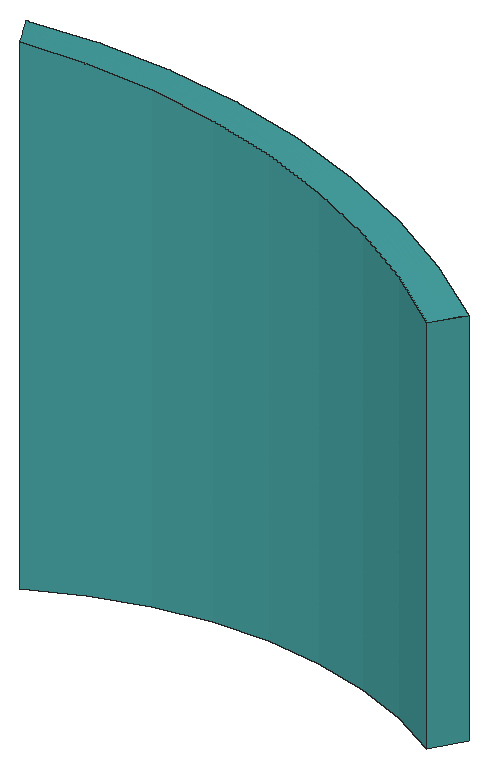
Revit family "EXP_WT-1C_CPan-020", category Curtain Panels, Revit 2021
Family settings
  OmniClass Number = 23.25.20.14.11.11.17
  OmniClass Title = Infill Panels
  Always vertical = Yes
  Cut with Voids When Loaded = Yes
  Shared = No
Parameters
  UI-UnitNumber [instance] = "001"
  UI-Quadrant [instance] = "SE"
  UI-ProjectAbbreviation = "NEU"
  UI-ItemCategory = "PID"
  UI-FloorNumber [instance] = "03"
  PNT-WallType = "WT1C"
  PNT-ProjectAbbreviation = "NEU"
  PNT-PanelType [instance] = "01"
  PNT-ItemCategory = "PNL"
  GlassH1 [instance] = IG-2C(Glass)
  Description = "Curve"
  Define Thermal Properties by = Schematic Type
  CellSxH1 [instance] = CellSxH  # 9' - 4"
  CellSxH [instance] = 9' - 4"
  CellSp = 0' - 10 3/16"
  CellRayIN [instance] = CellRayEX - CellSp  # 9' - 7 13/16"
  CellRayEX = 10' - 6"
  CellLArch [instance] = 11' - 4.59066"
  CellH [instance] = 13' - 1.48031"
  CellDxH1 [instance] = CellDxH  # 12' - 0"
  CellDxH [instance] = 12' - 0"
  Analytic Construction = "<None>"
Reference planes (in)
  plane 1 "Center (Front/Back)": y = 0
  plane 2: z = 0
  plane 3 "Center (Left/Right)": x = 0
  plane 4 "Left": x = -65
  plane 5 "Right": x = 65
  plane 6 "Top": z = 157.48031
  plane 7: z = 112
  plane 8: z = 144
Forms (in)
  SweptBlend 1, solid, material "IG-2C(Glass)" <- "GlassH1"
    path origin (0, 0, 0) x (1, 0, 0) y (0, 1, 0)
      loop
        arc (-65, 0) -> (0, 18.0602) -> (65, 0) r 126
    profile origin (-65, 0, 0) x (-0.515873, 0.856665, 0) y (0, 0, 1)
      loop
        line (0, 144) -> (-10.1875, 144) -> (-10.1875, 0) -> (0, 0) -> (0, 144)
    end profile origin (65, 0, 0) x (0.515873, 0.856665, 0) y (0, 0, 1)
      loop
        line (0, 112) -> (-10.1875, 112) -> (-10.1875, 0) -> (0, 0) -> (0, 112)
Lines and regions (in)
  reference lines
    curve 1: line (65, 0, 0) -> (0, -107.9398, 0)
    curve 2: line (-65, 0, 0) -> (0, -107.9398, 0)
    curve 3: line (65, 0, 0) -> (42.06566, 13.81077, 0)
    curve 4: line (-65, 0, 0) -> (-40.04204, 15.02937, 0)
    curve 6: line (65, 0, 112) -> (-65, 0, 144)
  model lines
    curve 5: arc (-65, 0, 0) -> (0, 18.0602, 0) -> (65, 0, 0) r 126
Text (in)
  text "Exterior" at (-92.59733, 55.75508, 0), in view "Ref. Level"
  text "Exterior" at (0, 90.18664, 173.49264), in view "Left"
  text "Exterior" at (0, 52.29083, 162.21847), in view "Right"
Dimensions and locks (in)
  equal spacing: plane 4 "Left", plane 3 "Center (Left/Right)", plane 5 "Right"
  "CellRayEX": curve 2 to curve 2
  "CellRayEX": curve 2 to curve 1
  "CellH": plane 2 to plane 6 "Top"
  "CellSxH": plane 2 to plane 7
  "CellDxH": level to plane 8
  "CellRayEX": radius of curve 5
  locked: curve 2 to curve 4 (angle 90.00°)
  locked: curve 3 to curve 1 (angle 90.00°)
  "CellLArch": arc length of curve 5  (x2)
  aligned and locked: level to plane 2
  aligned and locked: SweptBlend 1 sketch curve to curve 5
  aligned and locked: SweptBlend 1 sketch curve to curve 2
  aligned and locked: SweptBlend 1 sketch curve to curve 1
  aligned and locked: profile plane to SweptBlend 1 sketch curve  (x4)
  aligned and locked: SweptBlend 1 sketch curve to curve 6  (x2)
Automatic sketch dimensions
  plane 1 "Center (Front/Back)" to curve 5 = 0' - 0"  (x2)
  plane 4 "Left" to curve 6 = 0' - 0"
  plane 5 "Right" to curve 6 = 0' - 0"
  curve 6 to plane 7 = 0' - 0"
  curve 6 to plane 8 = 0' - 0"
  curve 5 to plane 3 "Center (Left/Right)" = 0' - 0"
  curve 5 to plane 4 "Left" = 0' - 0"
  profile plane to SweptBlend 1 sketch curve = 0' - 10 3/16"  (x2)
  plane 1 "Center (Front/Back)" to curve 4 = 0' - 0"
  curve 4 to plane 4 "Left" = 0' - 0"
  curve 2 to plane 3 "Center (Left/Right)" = 0' - 0"
  plane 1 "Center (Front/Back)" to curve 3 = 0' - 0"
